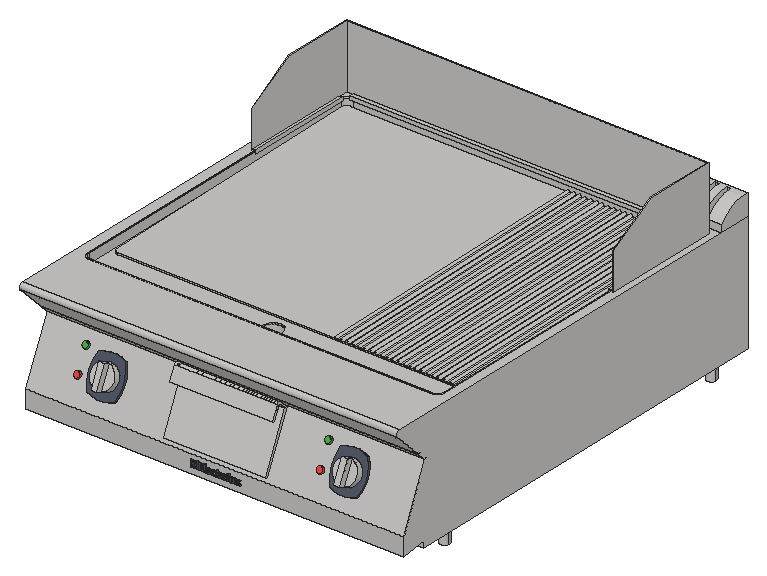
Revit family "QF_ELECTROLUXPROFESSIONAL_391177_E9FTEHCP0N", category Specialty Equipment, Revit 2018 (continued)
Automatic sketch dimensions
  Extrusion 33 sketch curve to Extrusion 33 sketch curve = 1.21 mm  (x2)
  Extrusion 33 sketch curve to Extrusion 33 sketch curve = 0.503 mm
  Extrusion 33 sketch curve to Extrusion 33 sketch curve = 0.488 mm
  Extrusion 33 sketch curve to Extrusion 33 sketch curve = 0.462 mm
  Extrusion 33 sketch curve to Extrusion 33 sketch curve = 1.386 mm
  Extrusion 33 sketch curve to Extrusion 33 sketch curve = 1.742 mm  (x2)
  Extrusion 33 sketch curve to Extrusion 33 sketch curve = 0.821 mm
  Extrusion 33 sketch curve to Extrusion 33 sketch curve = 0.497 mm
  Extrusion 33 sketch curve to Extrusion 33 sketch curve = 0.539 mm
  Extrusion 33 sketch curve to Extrusion 33 sketch curve = 0.686 mm
  Extrusion 33 sketch curve to Extrusion 33 sketch curve = 0.408 mm
  Extrusion 33 sketch curve to Extrusion 33 sketch curve = 0.743 mm
  Extrusion 33 sketch curve to Extrusion 33 sketch curve = 1.16 mm
  Extrusion 33 sketch curve to Extrusion 33 sketch curve = 0.329 mm
  Extrusion 33 sketch curve to Extrusion 33 sketch curve = 1.054 mm
  Extrusion 33 sketch curve to Extrusion 33 sketch curve = 1.056 mm
  Extrusion 33 sketch curve to Extrusion 33 sketch curve = 0.129 mm
  Extrusion 33 sketch curve to Extrusion 33 sketch curve = 0.489 mm
  Extrusion 33 sketch curve to Extrusion 33 sketch curve = 0.441 mm
  Extrusion 33 sketch curve to Extrusion 33 sketch curve = 1.151 mm
  Extrusion 33 sketch curve to Extrusion 33 sketch curve = 1.141 mm  (x2)
  Extrusion 33 sketch curve to Extrusion 33 sketch curve = 0.768 mm
  Extrusion 33 sketch curve to Extrusion 33 sketch curve = 1.653 mm
  Extrusion 33 sketch curve to Extrusion 33 sketch curve = 0.499 mm
  Extrusion 33 sketch curve to Extrusion 33 sketch curve = 0.964 mm
  Extrusion 33 sketch curve to Extrusion 33 sketch curve = 0.949 mm
  Extrusion 33 sketch curve to Extrusion 33 sketch curve = 1.345 mm  (x3)
  Extrusion 33 sketch curve to Extrusion 33 sketch curve = 1.101 mm
  Extrusion 33 sketch curve to Extrusion 33 sketch curve = 0.432 mm
  Extrusion 33 sketch curve to Extrusion 33 sketch curve = 1.142 mm
  Extrusion 33 sketch curve to Extrusion 33 sketch curve = 0.959 mm
  Extrusion 33 sketch curve to Extrusion 33 sketch curve = 0.176 mm
  Extrusion 33 sketch curve to Extrusion 33 sketch curve = 0.728 mm
  Extrusion 33 sketch curve to Extrusion 33 sketch curve = 3.375 mm  (x2)
  Extrusion 33 sketch curve to Extrusion 33 sketch curve = 0.541 mm
  Extrusion 33 sketch curve to Extrusion 33 sketch curve = 0.955 mm
  Extrusion 33 sketch curve to Extrusion 33 sketch curve = 1.251 mm
  Extrusion 33 sketch curve to Extrusion 33 sketch curve = 0.572 mm
  Extrusion 33 sketch curve to Extrusion 33 sketch curve = 1.92 mm
  Extrusion 33 sketch curve to Extrusion 33 sketch curve = 1.224 mm
  Extrusion 33 sketch curve to Extrusion 33 sketch curve = 0.745 mm
  Extrusion 33 sketch curve to Extrusion 33 sketch curve = 2.537 mm
  Extrusion 33 sketch curve to Extrusion 33 sketch curve = 0.896 mm  (x3)
  Extrusion 33 sketch curve to Extrusion 33 sketch curve = 0.036 mm
  Extrusion 33 sketch curve to Extrusion 33 sketch curve = 2.607 mm
  Extrusion 33 sketch curve to Extrusion 33 sketch curve = 0.066 mm
  Extrusion 33 sketch curve to Extrusion 33 sketch curve = 0.248 mm
  Extrusion 33 sketch curve to Extrusion 33 sketch curve = 0.449 mm
  Extrusion 33 sketch curve to Extrusion 33 sketch curve = 1.052 mm
  Extrusion 33 sketch curve to Extrusion 33 sketch curve = 1.863 mm
  Extrusion 33 sketch curve to Extrusion 33 sketch curve = 1.31 mm  (x2)
  Extrusion 33 sketch curve to Extrusion 33 sketch curve = 0.901 mm
  Extrusion 33 sketch curve to Extrusion 33 sketch curve = 1.107 mm
  Extrusion 33 sketch curve to Extrusion 33 sketch curve = 2.122 mm
  Extrusion 33 sketch curve to Extrusion 33 sketch curve = 2.101 mm
  Extrusion 33 sketch curve to Extrusion 33 sketch curve = 0.106 mm
  Extrusion 33 sketch curve to Extrusion 33 sketch curve = 0.029 mm
  Extrusion 33 sketch curve to Extrusion 33 sketch curve = 2.09 mm
  Extrusion 33 sketch curve to Extrusion 33 sketch curve = 1.279 mm
  Extrusion 33 sketch curve to Extrusion 33 sketch curve = 2.008 mm
  Extrusion 33 sketch curve to Extrusion 33 sketch curve = 0.738 mm
  Extrusion 33 sketch curve to Extrusion 33 sketch curve = 0.382 mm
  Extrusion 33 sketch curve to Extrusion 33 sketch curve = 0.384 mm
  Extrusion 33 sketch curve to Extrusion 33 sketch curve = 0.002 mm
  Extrusion 33 sketch curve to Extrusion 33 sketch curve = 0.561 mm
  Extrusion 33 sketch curve to Extrusion 33 sketch curve = 0.592 mm
  Extrusion 33 sketch curve to Extrusion 33 sketch curve = 2.692 mm
  Extrusion 33 sketch curve to Extrusion 33 sketch curve = 1.259 mm
  Extrusion 33 sketch curve to Extrusion 33 sketch curve = 0.802 mm
  Extrusion 33 sketch curve to Extrusion 33 sketch curve = 1.024 mm
  Extrusion 33 sketch curve to Extrusion 33 sketch curve = 0.682 mm
  Extrusion 33 sketch curve to Extrusion 33 sketch curve = 5.934 mm
  Extrusion 33 sketch curve to Extrusion 33 sketch curve = 2.186 mm
  Extrusion 33 sketch curve to Extrusion 33 sketch curve = 0.337 mm
  Extrusion 33 sketch curve to Extrusion 33 sketch curve = 0.021 mm
  Extrusion 33 sketch curve to Extrusion 33 sketch curve = 1.005 mm
  Extrusion 33 sketch curve to Extrusion 33 sketch curve = 0.552 mm
  Extrusion 33 sketch curve to Extrusion 33 sketch curve = 0.778 mm
  Extrusion 33 sketch curve to Extrusion 33 sketch curve = 0.063 mm
  Extrusion 33 sketch curve to Extrusion 33 sketch curve = 1.023 mm
  Extrusion 33 sketch curve to Extrusion 33 sketch curve = 3.804 mm
  Extrusion 33 sketch curve to Extrusion 33 sketch curve = 0.486 mm
  Extrusion 33 sketch curve to Extrusion 33 sketch curve = 0.266 mm
  Extrusion 33 sketch curve to Extrusion 33 sketch curve = 1.547 mm
  Extrusion 33 sketch curve to Extrusion 33 sketch curve = 0.717 mm  (x2)
  Extrusion 33 sketch curve to Extrusion 33 sketch curve = 1.667 mm
  Extrusion 33 sketch curve to Extrusion 33 sketch curve = 3.174 mm
  Extrusion 33 sketch curve to Extrusion 33 sketch curve = 0.388 mm
  Extrusion 33 sketch curve to Extrusion 33 sketch curve = 1.342 mm
  Extrusion 33 sketch curve to Extrusion 33 sketch curve = 1.521 mm
  Extrusion 33 sketch curve to Extrusion 33 sketch curve = 0.124 mm
  Extrusion 33 sketch curve to Extrusion 33 sketch curve = 0.291 mm
  Extrusion 33 sketch curve to Extrusion 33 sketch curve = 1.049 mm  (x2)
  Extrusion 33 sketch curve to Extrusion 33 sketch curve = 1.7 mm
  Extrusion 33 sketch curve to Extrusion 33 sketch curve = 0.894 mm
  Extrusion 33 sketch curve to Extrusion 33 sketch curve = 0.989 mm
  Extrusion 33 sketch curve to Extrusion 33 sketch curve = 1.168 mm
  Extrusion 33 sketch curve to Extrusion 33 sketch curve = 1.594 mm
  Extrusion 33 sketch curve to Extrusion 33 sketch curve = 0.731 mm
  Extrusion 33 sketch curve to Extrusion 33 sketch curve = 1.566 mm
  Extrusion 33 sketch curve to Extrusion 33 sketch curve = 0.064 mm
  Extrusion 33 sketch curve to Extrusion 33 sketch curve = 0.556 mm  (x2)
  Extrusion 33 sketch curve to Extrusion 33 sketch curve = 0.48 mm
  Extrusion 33 sketch curve to Extrusion 33 sketch curve = 0.228 mm
  Extrusion 33 sketch curve to Extrusion 33 sketch curve = 1.018 mm
  Extrusion 33 sketch curve to Extrusion 33 sketch curve = 0.787 mm
  Extrusion 33 sketch curve to Extrusion 33 sketch curve = 0.618 mm
  Extrusion 33 sketch curve to Extrusion 33 sketch curve = 1.672 mm
  Extrusion 33 sketch curve to Extrusion 33 sketch curve = 1.361 mm
  Extrusion 33 sketch curve to Extrusion 33 sketch curve = 0.822 mm
  Extrusion 33 sketch curve to Extrusion 33 sketch curve = 0.069 mm
  Extrusion 33 sketch curve to Extrusion 33 sketch curve = 1.88 mm
  Extrusion 33 sketch curve to Extrusion 33 sketch curve = 0.42 mm
  Extrusion 33 sketch curve to Extrusion 33 sketch curve = 0.062 mm
  Extrusion 33 sketch curve to Extrusion 33 sketch curve = 1.355 mm
  Extrusion 33 sketch curve to Extrusion 33 sketch curve = 2.34 mm
  Extrusion 33 sketch curve to Extrusion 33 sketch curve = 0.493 mm
  Extrusion 33 sketch curve to Extrusion 33 sketch curve = 0.136 mm
  Extrusion 33 sketch curve to Extrusion 33 sketch curve = 0.128 mm
  Extrusion 33 sketch curve to Extrusion 33 sketch curve = 3.616 mm
  Extrusion 33 sketch curve to Extrusion 33 sketch curve = 4.207 mm
  Extrusion 33 sketch curve to Extrusion 33 sketch curve = 0.183 mm
  Extrusion 33 sketch curve to Extrusion 33 sketch curve = 0.895 mm
  Extrusion 33 sketch curve to Extrusion 33 sketch curve = 1.314 mm
  Extrusion 33 sketch curve to Extrusion 33 sketch curve = 3.231 mm
  Extrusion 33 sketch curve to Extrusion 33 sketch curve = 1.299 mm
  Extrusion 33 sketch curve to Extrusion 33 sketch curve = 1.214 mm
  Extrusion 33 sketch curve to Extrusion 33 sketch curve = 1.264 mm
  Extrusion 33 sketch curve to Extrusion 33 sketch curve = 0.109 mm
  Extrusion 33 sketch curve to Extrusion 33 sketch curve = 0.357 mm
  Extrusion 33 sketch curve to Extrusion 33 sketch curve = 0.565 mm
  Extrusion 33 sketch curve to Extrusion 33 sketch curve = 2.504 mm
  Extrusion 33 sketch curve to Extrusion 33 sketch curve = 2.459 mm
  Extrusion 1 to Extrusion 33 sketch curve = 344.64 mm
  Extrusion 33 sketch curve to Extrusion 33 sketch curve = 0.208 mm
  Extrusion 33 sketch curve to Extrusion 33 sketch curve = 0.468 mm  (x2)
  Extrusion 33 sketch curve to Extrusion 33 sketch curve = 1.559 mm
  Extrusion 33 sketch curve to Extrusion 33 sketch curve = 0.422 mm  (x2)
  Extrusion 33 sketch curve to Extrusion 33 sketch curve = 0.494 mm
  Extrusion 33 sketch curve to Extrusion 33 sketch curve = 3.927 mm
  Extrusion 33 sketch curve to Extrusion 33 sketch curve = 0.782 mm
  Extrusion 33 sketch curve to Extrusion 33 sketch curve = 1.268 mm
  Extrusion 33 sketch curve to Extrusion 33 sketch curve = 0.671 mm
  Extrusion 33 sketch curve to Extrusion 33 sketch curve = 0.777 mm
  Extrusion 33 sketch curve to Extrusion 33 sketch curve = 0.704 mm
  Extrusion 33 sketch curve to Extrusion 33 sketch curve = 0.781 mm  (x2)
  Extrusion 33 sketch curve to Extrusion 33 sketch curve = 1.634 mm
  Extrusion 33 sketch curve to Extrusion 33 sketch curve = 0.132 mm
  Extrusion 33 sketch curve to Extrusion 33 sketch curve = 3.136 mm
  Extrusion 33 sketch curve to Extrusion 33 sketch curve = 2.422 mm
  Extrusion 33 sketch curve to Extrusion 33 sketch curve = 0.586 mm
  Extrusion 33 sketch curve to Extrusion 33 sketch curve = 2.046 mm  (x2)
  Extrusion 33 sketch curve to Extrusion 33 sketch curve = 1.241 mm
  Extrusion 33 sketch curve to Extrusion 33 sketch curve = 1.689 mm
  Extrusion 33 sketch curve to Extrusion 33 sketch curve = 2.859 mm
  Extrusion 33 sketch curve to Extrusion 33 sketch curve = 0.627 mm
  Extrusion 33 sketch curve to Extrusion 33 sketch curve = 0.863 mm
  Extrusion 33 sketch curve to Extrusion 33 sketch curve = 0.419 mm
  Extrusion 33 sketch curve to Extrusion 33 sketch curve = 1.514 mm
  Extrusion 33 sketch curve to Extrusion 33 sketch curve = 1.019 mm
  Extrusion 33 sketch curve to Extrusion 33 sketch curve = 0.065 mm
  Extrusion 33 sketch curve to Extrusion 33 sketch curve = 1.215 mm
  Extrusion 33 sketch curve to Extrusion 33 sketch curve = 2.708 mm
  Extrusion 33 sketch curve to Extrusion 33 sketch curve = 1.122 mm
  Extrusion 33 sketch curve to Extrusion 33 sketch curve = 1.153 mm
  Extrusion 33 sketch curve to Extrusion 33 sketch curve = 3.009 mm
  Extrusion 33 sketch curve to Extrusion 33 sketch curve = 0.829 mm  (x2)
  Extrusion 33 sketch curve to Extrusion 33 sketch curve = 0.934 mm
  Extrusion 33 sketch curve to Extrusion 33 sketch curve = 3.376 mm
  Extrusion 33 sketch curve to Extrusion 33 sketch curve = 0.222 mm
  Extrusion 33 sketch curve to Extrusion 33 sketch curve = 1.383 mm
  Extrusion 33 sketch curve to Extrusion 33 sketch curve = 1.556 mm
  Extrusion 33 sketch curve to Extrusion 33 sketch curve = 2.559 mm
  Extrusion 33 sketch curve to Extrusion 33 sketch curve = 2.51 mm
  Extrusion 33 sketch curve to Extrusion 33 sketch curve = 0.131 mm
  Extrusion 33 sketch curve to Extrusion 33 sketch curve = 1.717 mm
  Extrusion 33 sketch curve to Extrusion 33 sketch curve = 1.134 mm
  Extrusion 33 sketch curve to Extrusion 33 sketch curve = 0.366 mm
  Extrusion 33 sketch curve to Extrusion 33 sketch curve = 0.094 mm
  Extrusion 33 sketch curve to Extrusion 33 sketch curve = 1.584 mm
  Extrusion 33 sketch curve to Extrusion 33 sketch curve = 1.501 mm
  Extrusion 33 sketch curve to Extrusion 33 sketch curve = 0.27 mm
  Extrusion 33 sketch curve to Extrusion 33 sketch curve = 1.808 mm
  Extrusion 33 sketch curve to Extrusion 33 sketch curve = 0.643 mm
  Extrusion 33 sketch curve to Extrusion 33 sketch curve = 0.916 mm
  Extrusion 33 sketch curve to Extrusion 33 sketch curve = 0.352 mm
  Extrusion 33 sketch curve to Extrusion 33 sketch curve = 0.458 mm
  Extrusion 33 sketch curve to Extrusion 33 sketch curve = 1.282 mm
  Extrusion 33 sketch curve to Extrusion 33 sketch curve = 1.363 mm
  Extrusion 33 sketch curve to Extrusion 33 sketch curve = 0.685 mm
  Extrusion 33 sketch curve to Extrusion 33 sketch curve = 0.905 mm
  Extrusion 33 sketch curve to Extrusion 33 sketch curve = 2.865 mm
  Extrusion 33 sketch curve to Extrusion 33 sketch curve = 0.472 mm
  Extrusion 33 sketch curve to Extrusion 33 sketch curve = 0.101 mm
  Extrusion 33 sketch curve to Extrusion 33 sketch curve = 0.54 mm
  Extrusion 33 sketch curve to Extrusion 33 sketch curve = 0.02 mm
  Extrusion 33 sketch curve to Extrusion 33 sketch curve = 0.582 mm
  Extrusion 33 sketch curve to Extrusion 33 sketch curve = 0.166 mm
  Extrusion 33 sketch curve to Extrusion 33 sketch curve = 0.16 mm
  Extrusion 33 sketch curve to Extrusion 33 sketch curve = 2.781 mm
  Extrusion 33 sketch curve to Extrusion 33 sketch curve = 1.118 mm
  Extrusion 33 sketch curve to Extrusion 33 sketch curve = 0.613 mm
  Extrusion 33 sketch curve to Extrusion 33 sketch curve = 0.361 mm
  Extrusion 33 sketch curve to Extrusion 33 sketch curve = 0.897 mm
  Extrusion 33 sketch curve to Extrusion 33 sketch curve = 0.167 mm
  Extrusion 33 sketch curve to Extrusion 33 sketch curve = 0.292 mm
  Extrusion 33 sketch curve to Extrusion 33 sketch curve = 0.305 mm
  Extrusion 33 sketch curve to Extrusion 33 sketch curve = 1.557 mm
  Extrusion 33 sketch curve to Extrusion 33 sketch curve = 2.499 mm
  Extrusion 33 sketch curve to Extrusion 33 sketch curve = 3.062 mm
  Extrusion 33 sketch curve to Extrusion 33 sketch curve = 2.968 mm
  Extrusion 33 sketch curve to Extrusion 33 sketch curve = 5.044 mm
  Extrusion 33 sketch curve to Extrusion 33 sketch curve = 0.629 mm  (x2)
  Extrusion 33 sketch curve to Extrusion 33 sketch curve = 1.131 mm
  Extrusion 33 sketch curve to Extrusion 33 sketch curve = 0.137 mm
  Extrusion 33 sketch curve to Extrusion 33 sketch curve = 0.027 mm
  Extrusion 33 sketch curve to Extrusion 33 sketch curve = 2.235 mm
  curve 13 to curve 95 = 0 mm  (x2)
  curve 8 to plane 3 "LEFT" = 0 mm
  curve 176 to plane 9 = 0 mm
  plane 5 "FRONT" to curve 176 = 0 mm
  curve 4 to plane 9 = 0 mm
  curve 94 to plane 7 "Center Y" = 0 mm
  curve 6 to plane 4 "RIGHT" = 0 mm
  plane 5 "FRONT" to curve 3 = 0 mm
  plane 5 "FRONT" to curve 1 = 0 mm
  plane 1 "BACK" to curve 7 = 0 mm
  plane 13 to curve 35 = 4.442 mm
  plane 13 to curve 10 = 11.03 mm
  curve 35 to curve 12 = 6.721 mm
  curve 12 to curve 35 = 3.351 mm
  plane 13 to curve 38 = 18.703 mm
  curve 31 to curve 12 = 6.516 mm
  curve 31 to curve 19 = 6.516 mm
  curve 11 to curve 9 = 15 mm
  curve 18 to curve 12 = 5 mm
  curve 37 to curve 37 = 9.296 mm
  curve 12 to curve 20 = 5 mm
  curve 17 to curve 17 = 10 mm
  plane 1 "BACK" to curve 40 = 6.761 mm
  curve 36 to curve 40 = 16.193 mm
  curve 40 to curve 42 = 9.296 mm
  curve 42 to curve 45 = 16.193 mm
  curve 45 to curve 44 = 9.296 mm
  plane 1 "BACK" to curve 50 = 6.761 mm
  curve 44 to curve 50 = 16.193 mm
  curve 50 to curve 48 = 9.296 mm
  curve 48 to curve 54 = 16.193 mm
  curve 53 to curve 52 = 9.296 mm
  plane 1 "BACK" to curve 58 = 6.761 mm
  curve 52 to curve 58 = 16.193 mm
  curve 57 to curve 57 = 9.296 mm
  curve 56 to curve 61 = 16.193 mm
  curve 61 to curve 61 = 9.296 mm
  plane 1 "BACK" to curve 65 = 6.761 mm
  curve 60 to curve 65 = 16.193 mm
  curve 64 to curve 65 = 9.296 mm
  plane 1 "BACK" to curve 92 = 6.761 mm
  curve 65 to curve 92 = 16.143 mm
  curve 89 to curve 91 = 9.296 mm
  curve 90 to curve 85 = 16.193 mm
  curve 85 to curve 87 = 9.296 mm
  curve 86 to curve 81 = 16.193 mm
  curve 176 to plane 7 "Center Y" = 108.514 mm
  curve 81 to curve 82 = 9.296 mm
  plane 1 "BACK" to curve 80 = 6.761 mm
  curve 83 to curve 80 = 16.193 mm
  curve 77 to curve 78 = 9.296 mm
  curve 176 to curve 4 = 36.486 mm
  curve 78 to curve 76 = 16.193 mm
  curve 75 to curve 76 = 9.296 mm
  plane 1 "BACK" to curve 69 = 6.761 mm
  curve 73 to curve 69 = 16.193 mm
  curve 69 to curve 72 = 9.296 mm
  curve 94 to plane 7 "Center Y" = 20 mm
  plane 1 "BACK" to curve 132 = 6.761 mm
  plane 7 "Center Y" to curve 132 = 29.703 mm
  curve 131 to curve 130 = 9.296 mm
  curve 130 to curve 137 = 16.193 mm
  curve 134 to curve 135 = 9.296 mm
  curve 136 to curve 140 = 16.193 mm
  curve 140 to curve 141 = 9.296 mm
  curve 93 to curve 175 = 82.924 mm
  plane 1 "BACK" to curve 145 = 6.761 mm
  curve 138 to curve 145 = 16.193 mm
  plane 7 "Center Y" to curve 177 = 108.514 mm
  curve 175 to curve 174 = 12.135 mm
  curve 143 to curve 142 = 9.296 mm
  curve 174 to curve 173 = 12.135 mm
  plane 1 "BACK" to curve 148 = 6.761 mm
  curve 142 to curve 148 = 16.193 mm
  curve 173 to curve 172 = 12.135 mm
  curve 148 to curve 149 = 9.296 mm
  curve 178 to curve 4 = 36.486 mm
  curve 172 to curve 171 = 12.135 mm
  plane 1 "BACK" to curve 152 = 6.761 mm
  curve 146 to curve 152 = 16.193 mm
  curve 171 to curve 170 = 12.135 mm
  curve 151 to curve 151 = 9.296 mm
  curve 170 to curve 169 = 12.135 mm
  plane 1 "BACK" to curve 128 = 6.761 mm
  curve 150 to curve 128 = 16.143 mm
  curve 169 to curve 168 = 12.135 mm
  curve 128 to curve 129 = 9.296 mm
  curve 168 to curve 167 = 12.135 mm
  curve 126 to curve 122 = 16.193 mm
  curve 167 to curve 166 = 12.135 mm
  curve 122 to curve 125 = 9.296 mm
  curve 166 to curve 165 = 12.135 mm
  plane 1 "BACK" to curve 118 = 6.761 mm
  curve 124 to curve 118 = 16.193 mm
  curve 165 to curve 164 = 12.135 mm
  curve 118 to curve 120 = 9.296 mm
  curve 164 to curve 163 = 12.135 mm
  plane 1 "BACK" to curve 114 = 6.761 mm
  curve 120 to curve 114 = 16.193 mm
  curve 163 to curve 162 = 12.135 mm
  curve 114 to curve 116 = 9.296 mm
  curve 162 to curve 161 = 12.135 mm
  curve 115 to curve 110 = 16.193 mm
  curve 161 to curve 160 = 12.135 mm
  curve 110 to curve 112 = 9.296 mm
  curve 160 to curve 159 = 12.135 mm
  curve 159 to curve 158 = 12.135 mm
  plane 1 "BACK" to curve 109 = 6.761 mm
  curve 112 to curve 109 = 16.193 mm
  curve 106 to curve 109 = 9.296 mm
  curve 158 to curve 157 = 12.135 mm
  plane 15 to curve 156 = 6.52 mm
  plane 15 to curve 104 = 4.487 mm
  curve 102 to plane 15 = 4.809 mm
  curve 155 to plane 15 = 5.614 mm
  curve 155 to curve 154 = 12.135 mm
  curve 154 to curve 23 = 0.222 mm
  curve 154 to curve 96 = 0.222 mm
  plane 1 "BACK" to curve 101 = 6.761 mm
  curve 102 to curve 101 = 16.193 mm
  curve 15 to plane 15 = 22.97 mm
  curve 20 to curve 13 = 5 mm
  curve 98 to curve 68 = 6.969 mm
  curve 13 to curve 21 = 5 mm
  curve 98 to curve 101 = 9.296 mm
  curve 13 to curve 33 = 11.516 mm
  curve 30 to curve 13 = 3.351 mm
  curve 95 to curve 13 = 0 mm
  plane 14 to curve 14 = 11.03 mm
  plane 14 to curve 25 = 4.442 mm
  curve 10 to plane 5 "FRONT" = 137.461 mm
  curve 94 to plane 5 "FRONT" = 171.264 mm
  curve 15 to curve 159 = 55 mm
  curve 154 to curve 16 = 0 mm
  plane 8 "Center X" to curve 24 = 129.61 mm
  plane 8 "Center X" to curve 26 = 129.61 mm
  curve 19 to curve 40 = 108.645 mm
  curve 13 to curve 20 = 2.133 mm
  curve 12 to curve 19 = 2.133 mm
  curve 18 to curve 12 = 9.865 mm
  curve 22 to curve 95 = 9.865 mm
  curve 154 to curve 21 = 0.05 mm
  curve 97 to curve 95 = 2.318 mm
  curve 12 to curve 24 = 10.007 mm
  curve 29 to curve 46 = 19.479 mm
  curve 66 to curve 65 = 57.15 mm
  curve 44 to curve 48 = 0 mm
  curve 69 to curve 69 = 57.15 mm
  curve 43 to curve 45 = 0 mm
  curve 73 to curve 69 = 0 mm
  curve 29 to curve 38 = 19.479 mm
  curve 77 to curve 75 = 0 mm
  curve 171 to curve 152 = 41.495 mm
  curve 81 to curve 77 = 0 mm
  curve 148 to curve 151 = 0 mm
  curve 85 to curve 81 = 0 mm
  curve 144 to curve 147 = 0 mm
  curve 66 to curve 89 = 0 mm
  curve 140 to curve 143 = 0 mm
  curve 62 to curve 64 = 0 mm
  curve 48 to curve 52 = 0 mm
  curve 52 to curve 58 = 0 mm
  curve 27 to curve 98 = 19.479 mm
  curve 137 to curve 139 = 0 mm
  curve 102 to curve 98 = 0 mm
  curve 132 to curve 134 = 0 mm
  curve 106 to curve 104 = 0 mm
  curve 150 to curve 129 = 0 mm
  curve 110 to curve 106 = 0 mm
  curve 126 to curve 124 = 0 mm
  curve 114 to curve 110 = 0 mm
  curve 120 to curve 114 = 0 mm
  plane 1 "BACK" to curve 122 = 6.761 mm
  plane 1 "BACK" to curve 113 = 6.761 mm
  plane 1 "BACK" to curve 104 = 6.761 mm
  plane 1 "BACK" to curve 134 = 6.761 mm
  plane 1 "BACK" to curve 138 = 6.761 mm
  plane 1 "BACK" to curve 88 = 6.761 mm
  plane 1 "BACK" to curve 84 = 6.761 mm
  plane 1 "BACK" to curve 75 = 6.761 mm
  plane 1 "BACK" to curve 63 = 6.761 mm
  plane 1 "BACK" to curve 55 = 6.761 mm
  plane 1 "BACK" to curve 47 = 6.761 mm
  plane 1 "BACK" to curve 39 = 6.761 mm
  radius of Extrusion 2 sketch curve = 9.525 mm  (x4)
  radius of Extrusion 13 sketch curve = 20 mm
  radius of Extrusion 16 sketch curve = 25.4 mm
  radius of Extrusion 17 sketch curve to Extrusion 16 = 0 mm  (x2)
  radius of Extrusion 18 sketch curve = 6.35 mm
  radius of Extrusion 19 sketch curve = 6.35 mm
  radius of Extrusion 22 sketch curve = 25.4 mm
  radius of Extrusion 23 sketch curve to Extrusion 22 = 0 mm  (x2)
  radius of Extrusion 24 sketch curve = 6.35 mm
  radius of Extrusion 25 sketch curve = 6.35 mm
  radius of Extrusion 8 sketch curve = 6.35 mm
Connectors
  electrical at (740, -584, 19), driven by "Volts", driven by "Watts"
    settings: on Extrusion 8, index 1, voltage 230 V, apparent load 15000 VA, apparent load phase1 0 VA, apparent load phase2 0 VA, apparent load phase3 0 VA, power factor 1, load classification "Other", number of poles 1, system type 30, power factor state 1, is connector primary yes, connector utility no, sub classification motor no, connector description "ELECTRICAL CONNECTION"
